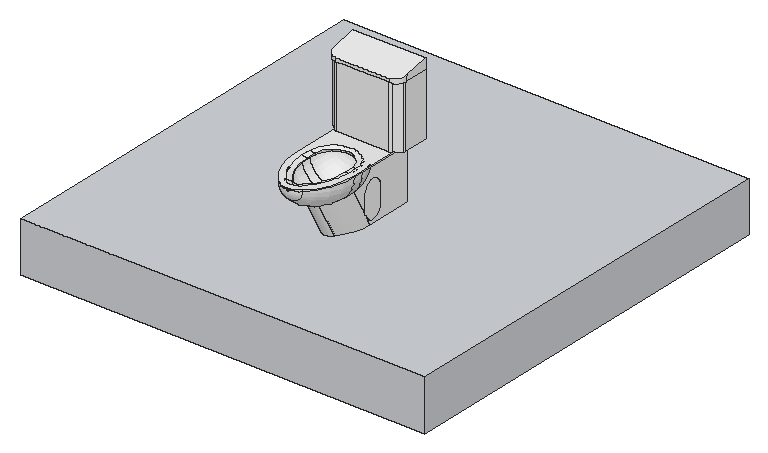
Revit family
Parameters (values of type "WH2145_10")
  Waste Connection = yes
  WH2145_10 - Cistern Tank Toilet (Floor waste is 10” from wall to the center of waste outlet) = yes
  WFU = 10
  Vent Connection = no
  URL = "http://www.whitehallmfg.com"
  Type Comments = ""
  Phone# = "626-336-4561"
  Model = "WH2145_10"
  Material = Stainless Steel-Whitehall-16 Gage-Powder Coated White
  Manufacturer = "Whitehall Mfg"
  HWFU = 0
  HW Connection = no
  Designed By = "Allied Technical Services"  # constant formula
  Description = "Whitehall Ligature Resistant Cistern Tank Toilet"
  Default Elevation = 0"
  Creation Date = "07/16/2015"  # constant formula
  CWFU = 10
  CW Connection = yes
  Assembly Code = "D2010110"
  ATS URL = "http://www.atsspec.net"
Reference planes (in)
  plane 1 "Center (Front/Back)": y = 1.5
  plane 2: z = 0
  plane 3 "Center (Left/Right)": x = 0
  plane 4: x = -7
  plane 5: x = 7
  plane 6: z = 15
  plane 7: y = -29
  plane 8: y = -6.375
  plane 9: z = 32.25
  plane 10: z = 29.75
  plane 11: x = -8.5625
  plane 12: x = 8.5625
  plane 13: x = 4.0625
  plane 14: x = -4.0625
  plane 15: x = -4.0625
  plane 16: x = 4.0625
  plane 17: x = -4.0625
  plane 18: x = 4.0625
  plane 19: y = -8.5
  plane 20: y = -17.625
  plane 21: y = -22.625
  plane 22: x = -5.5
  plane 23: y = -1.39645
  plane 24: y = -8.5
Forms (in)
  Extrusion 1, solid
    sketch origin (0, 0, 0) x (1, 0, 0) y (0, 1, 0)
      loop
        line (-48, 48) -> (-48, -48) -> (48, -48) -> (48, 48) -> (-48, 48)
    from 0 to -12
  Blend 2, solid, material "Stainless Steel-Whitehall-16 Gage-Powder Coated White" <- "Material"
    base sketch origin (0, -1.72011, 0) x (1, 0, 0) y (0, 1, 0)
      loop
        line (4.0625, 3.22011) -> (-4.0625, 3.22011) -> (-4.0625, -7.55903)
        arc (-4.0625, -7.55903) -> (-3.43599, -11.51354) -> (-1.61783, -15.08074) r 12.79364
        arc (-1.61783, -15.08074) -> (0, -15.90489) -> (1.61783, -15.08074) r 2
        arc (1.61783, -15.08074) -> (3.43599, -11.51354) -> (4.0625, -7.55903) r 12.79364
        line (4.0625, -7.55903) -> (4.0625, 3.22011)
    top sketch origin (0, -1.72011, 0) x (1, 0, 0) y (0, 1, 0)
      loop
        line (-4.0625, 3.22011) -> (-4.0625, -12.55903)
        arc (-4.0625, -12.55903) -> (-3.43599, -16.51354) -> (-1.61783, -20.08074) r 12.79364
        arc (-1.61783, -20.08074) -> (0, -20.90489) -> (1.61783, -20.08074) r 2
        arc (1.61783, -20.08074) -> (3.43599, -16.51354) -> (4.0625, -12.55903) r 12.79364
        line (4.0625, -12.55903) -> (4.0625, 3.22011) -> (-4.0625, 3.22011)
    from 0 to 9.35933
  Revolve 3, solid, material "Stainless Steel-Whitehall-16 Gage-Powder Coated White" <- "Material"
    sketch origin (0, 0, 14.75) x (1, 0, 0) y (0, 1, 0)
      loop
        arc (-2.88823, -27.76733) -> (-1.57014, -28.67895) -> (0, -29) r 4
        line (0, -29) -> (0, -27.75)
        arc (0, -27.75) -> (-1.07947, -27.52928) -> (-1.98566, -26.90254) r 2.75
        arc (-1.98566, -26.90254) -> (-4.77373, -22.58152) -> (-5.75, -17.53261) r 13.54364
        line (-5.75, -17.53261) -> (-5.75, -15.28261)
        arc (-5.75, -15.28261) -> (-4.06586, -11.21675) -> (0, -9.53261) r 5.75
        line (0, -9.53261) -> (0, -8.28261)
        arc (0, -8.28261) -> (-4.94975, -10.33287) -> (-7, -15.28261) r 7
        line (-7, -15.28261) -> (-7, -17.53261)
        arc (-7, -17.53261) -> (-5.93362, -23.0475) -> (-2.88823, -27.76733) r 14.79364
      axis (0, -8.28261) -> (0, -29)
    angle from 0 to 180
  Blend 4, solid, material "Stainless Steel-Whitehall-16 Gage-Powder Coated White" <- "Material"
    base sketch origin (0, -2.10102, 0) x (1, 0, 0) y (0, 1, 0)
      loop
        line (-4.0625, 3.60102) -> (-4.0625, -11.43316)
        arc (-4.0625, -11.43316) -> (0, -8.43159) -> (4.0625, -11.43316) r 4.25
        line (4.0625, -11.43316) -> (4.0625, 3.60102) -> (-4.0625, 3.60102)
    top sketch origin (0, -2.10102, 0) x (1, 0, 0) y (0, 1, 0)
      loop
        line (-4.0625, 3.60102) -> (-4.0625, -7.83302)
        arc (-4.0625, -7.83302) -> (0, -5.23884) -> (4.0625, -7.83302) r 4.47804
        line (4.0625, -7.83302) -> (4.0625, 3.60102) -> (-4.0625, 3.60102)
    from 9.35933 to 14.75
  Extrusion 5, solid, material "Stainless Steel-Whitehall-16 Gage-Powder Coated White"
    sketch origin (0, 0, 0) x (1, 0, 0) y (0, 1, 0)
      loop
        arc (-7, -17.53261) -> (-5.93362, -23.0475) -> (-2.88823, -27.76733) r 14.79364
        arc (-2.88823, -27.76733) -> (0, -29) -> (2.88823, -27.76733) r 4
        arc (2.88823, -27.76733) -> (5.93362, -23.0475) -> (7, -17.53261) r 14.79364
        line (7, -17.53261) -> (7, 1.5) -> (-7, 1.5) -> (-7, -17.53261)
      loop
        line (-5.75, -15.28261) -> (-5.75, -17.53261)
        arc (-5.75, -17.53261) -> (-4.77373, -22.58152) -> (-1.98566, -26.90254) r 13.54364
        arc (-1.98566, -26.90254) -> (0, -27.75) -> (1.98566, -26.90254) r 2.75
        arc (1.98566, -26.90254) -> (4.77373, -22.58152) -> (5.75, -17.53261) r 13.54364
        line (5.75, -17.53261) -> (5.75, -15.28261)
        arc (5.75, -15.28261) -> (0, -9.53261) -> (-5.75, -15.28261) r 5.75
      loop
        circle (0, -2.75) r 0.75
    from 14.75 to 15
  Sweep 6, solid, material "Stainless Steel-Whitehall-16 Gage-Powder Coated White"
    path origin (0, 0, 0) x (1, 0, 0) y (0, 1, 0)
      loop
        arc (-5.75, -17.53261) -> (-4.77373, -22.58152) -> (-1.98566, -26.90254) r 13.54364
        arc (-1.98566, -26.90254) -> (0, -27.75) -> (1.98566, -26.90254) r 2.75
        arc (1.98566, -26.90254) -> (4.77373, -22.58152) -> (5.75, -17.53261) r 13.54364
        line (5.75, -17.53261) -> (5.75, -15.28261)
        arc (5.75, -15.28261) -> (0, -9.53261) -> (-5.75, -15.28261) r 5.75
        line (-5.75, -15.28261) -> (-5.75, -17.53261)
    profile origin (-5.75, -16.40761, 0) x (-1, 0, 0) y (0, 0, 1)
      loop
        line (0, 15) -> (-0.25, 15)
        arc (-0.25, 15) -> (-0.82681, 14.90577) -> (-1.34365, 14.63287) r 1.8125
        arc (-1.34365, 14.63287) -> (-1.36912, 14.5504) -> (-1.29904, 14.5) r 0.07392
        line (-1.29904, 14.5) -> (0, 14.5) -> (0, 15)
  Extrusion 7, void
    sketch origin (0, -2.2969, 0) x (1, 0, 0) y (0, 1, 0)
      loop
        circle (0, -6.2031) r 1.0625
    from 0 to 0.25
  Extrusion 8, solid, material "Stainless Steel-Whitehall-16 Gage-Powder Coated White"
    sketch origin (0, 0, 0) x (1, 0, 0) y (0, 1, 0)
      loop
        line (-8.5625, 1.5) -> (-8.5625, -4.29289)
        arc (-8.5625, -4.29289) -> (-8.52444, -4.48423) -> (-8.41605, -4.64645) r 0.5
        line (-8.41605, -4.64645) -> (-6.98039, -6.08211)
        arc (-6.98039, -6.08211) -> (-6.65597, -6.29888) -> (-6.27329, -6.375) r 1
        line (-6.27329, -6.375) -> (6.27329, -6.375)
        arc (6.27329, -6.375) -> (6.65597, -6.29888) -> (6.98039, -6.08211) r 1
        line (6.98039, -6.08211) -> (8.41605, -4.64645)
        arc (8.41605, -4.64645) -> (8.52444, -4.48423) -> (8.5625, -4.29289) r 0.5
        line (8.5625, -4.29289) -> (8.5625, 1.5) -> (-8.5625, 1.5)
    from 15 to 29.75
  Extrusion 9, void
    sketch origin (0, 3.375, 0) x (0, 1, 0) y (0, 0, 1)
      loop
        line (-9.75, 30.57612) -> (-1.875, 32.25) -> (-9.75, 32.25) -> (-9.75, 30.57612)
    from -8.5625 to 8.5625
  Blend 10, solid, material "Stainless Steel-Whitehall-16 Gage-Powder Coated White" <- "Material"
    base sketch origin (0, 0, 0) x (1, 0, 0) y (0, 1, 0)
      loop
        line (-8.5625, 1.5) -> (-8.5625, -4.125)
        arc (-8.5625, -4.125) -> (-7.90349, -5.71599) -> (-6.3125, -6.375) r 2.25
        line (-6.3125, -6.375) -> (6.3125, -6.375)
        arc (6.3125, -6.375) -> (7.90349, -5.71599) -> (8.5625, -4.125) r 2.25
        line (8.5625, -4.125) -> (8.5625, 1.5) -> (-8.5625, 1.5)
    top sketch origin (0, 0, 0) x (1, 0, 0) y (0, 1, 0)
      loop
        line (-8.5625, 1.5) -> (-8.5625, -4.125)
        arc (-8.5625, -4.125) -> (-7.90349, -5.71599) -> (-6.3125, -6.375) r 2.25
        line (-6.3125, -6.375) -> (6.3125, -6.375)
        arc (6.3125, -6.375) -> (7.90349, -5.71599) -> (8.5625, -4.125) r 2.25
        line (8.5625, -4.125) -> (8.5625, 1.5) -> (-8.5625, 1.5)
    from 29.75 to 32.25
  Extrusion 11, solid, material "Stainless Steel-Whitehall-16 Gage-Powder Coated White"
    sketch origin (0, 0.375, 0) x (0, 1, 0) y (0, 0, 1)
      loop
        arc (-3.375, 29.5) -> (-3.46339, 29.46339) -> (-3.5, 29.375) r 0.125
        line (-3.5, 29.375) -> (-3.5, 28.125)
        arc (-3.5, 28.125) -> (-3.46339, 28.03661) -> (-3.375, 28) r 0.125
        line (-3.375, 28) -> (-2.125, 28)
        arc (-2.125, 28) -> (-2.03661, 28.03661) -> (-2, 28.125) r 0.125
        line (-2, 28.125) -> (-2, 29.375)
        arc (-2, 29.375) -> (-2.03661, 29.46339) -> (-2.125, 29.5) r 0.125
        line (-2.125, 29.5) -> (-3.375, 29.5)
    from -9.0625 to -8.5625
  Extrusion 12, solid, material "Stainless Steel-Whitehall-16 Gage-Powder Coated White"
    sketch origin (0, 0.375, 0) x (0, 1, 0) y (0, 0, 1)
      loop
        line (-2.125, 28.25) -> (-2.125, 29.25)
        arc (-2.125, 29.25) -> (-2.16161, 29.33839) -> (-2.25, 29.375) r 0.125
        line (-2.25, 29.375) -> (-3.25, 29.375)
        arc (-3.25, 29.375) -> (-3.33839, 29.33839) -> (-3.375, 29.25) r 0.125
        line (-3.375, 29.25) -> (-3.375, 28.25)
        arc (-3.375, 28.25) -> (-3.33839, 28.16161) -> (-3.25, 28.125) r 0.125
        line (-3.25, 28.125) -> (-2.25, 28.125)
        arc (-2.25, 28.125) -> (-2.16161, 28.16161) -> (-2.125, 28.25) r 0.125
    from -9.3125 to -8.5625
  Revolve 13, void
    sketch origin (0, 0, 14.75) x (1, 0, 0) y (0, 1, 0)
      loop
        arc (0, -9.53261) -> (-4.06586, -11.21675) -> (-5.75, -15.28261) r 5.75
        line (-5.75, -15.28261) -> (-5.75, -17.53261)
        arc (-5.75, -17.53261) -> (-4.77373, -22.58152) -> (-1.98566, -26.90254) r 13.54364
        arc (-1.98566, -26.90254) -> (-1.07947, -27.52928) -> (0, -27.75) r 2.75
        line (0, -27.75) -> (0, -9.53261)
      axis (0, -9.53261) -> (0, -27.75)
    angle from 0 to 180
  Extrusion 14, solid, material "Stainless Steel-Whitehall-16 Gage-Powder Coated White" <- "Material"
    sketch origin (2.9375, 0, 0.22882) x (1, 0, 0) y (0, 1, 0)
      loop
        line (-9.9375, 1.5) -> (-9.9375, -3.5) -> (-7.03125, -3.5) -> (-7.03125, -4) -> (-7, -4) -> (-7, 1.5) -> (-9.9375, 1.5)
    from 2.77118 to 14.52118
  Extrusion 15, void
    sketch origin (0, 0, 0) x (0, 1, 0) y (0, 0, -1)
      loop
        line (1.5, -3) -> (-4, -3) -> (-4, -5) -> (-3.5, -5) -> (1.5, -3)
    from 4.0625 to 7
  Extrusion 16, void
    sketch origin (0, 2, 0) x (0, 1, 0) y (0, 0, 1)
      loop
        circle (-10.56606, 9.16665) r 0.125
      loop
        circle (-12.59218, 7.18292) r 0.125
      loop
        circle (-12.58495, 3.13641) r 0.125
      loop
        circle (-10.56606, 1.14002) r 0.125
      loop
        circle (-8.53994, 7.18292) r 0.125
      loop
        circle (-8.54717, 3.13641) r 0.125
      loop
        line (-12.81285, 7.14454) -> (-12.81285, 3.09537)
        arc (-12.81285, 3.09537) -> (-10.56285, 0.84537) -> (-8.31285, 3.09537) r 2.25
        line (-8.31285, 3.09537) -> (-8.31285, 7.14454)
        arc (-8.31285, 7.14454) -> (-10.56285, 9.39454) -> (-12.81285, 7.14454) r 2.25
      loop
        arc (-8.3441, 7.14454) -> (-10.56285, 9.36329) -> (-12.7816, 7.14454) r 2.21875
        line (-12.7816, 7.14454) -> (-12.7816, 3.09537)
        arc (-12.7816, 3.09537) -> (-10.56285, 0.87662) -> (-8.3441, 3.09537) r 2.21875
        line (-8.3441, 3.09537) -> (-8.3441, 7.14454)
    from 3.72076 to 4.34109
  Extrusion 17, void
    sketch origin (0, 2, 0) x (0, 1, 0) y (0, 0, -1)
      loop
        circle (-10.56606, -9.16665) r 0.125
      loop
        circle (-12.59218, -7.18292) r 0.125
      loop
        circle (-12.58495, -3.13641) r 0.125
      loop
        circle (-10.56606, -1.14002) r 0.125
      loop
        circle (-8.53994, -7.18292) r 0.125
      loop
        circle (-8.54717, -3.13641) r 0.125
      loop
        arc (-12.81285, -7.14454) -> (-10.56285, -9.39454) -> (-8.31285, -7.14454) r 2.25
        line (-8.31285, -7.14454) -> (-8.31285, -3.09537)
        arc (-8.31285, -3.09537) -> (-10.56285, -0.84537) -> (-12.81285, -3.09537) r 2.25
        line (-12.81285, -3.09537) -> (-12.81285, -7.14454)
      loop
        line (-8.3441, -7.14454) -> (-8.3441, -3.09537)
        arc (-8.3441, -3.09537) -> (-10.56285, -0.87662) -> (-12.7816, -3.09537) r 2.21875
        line (-12.7816, -3.09537) -> (-12.7816, -7.14454)
        arc (-12.7816, -7.14454) -> (-10.56285, -9.36329) -> (-8.3441, -7.14454) r 2.21875
    from 3.72076 to 4.34109
  Extrusion 18, solid, material "Stainless Steel-Whitehall-16 Gage-Powder Coated White"
    sketch origin (0, 0, 0.48981) x (1, 0, 0) y (0, 1, 0)
      loop
        circle (-5.5, -1.39645) r 0.5
    from 13.26019 to 14.26019
Cuts and joins
  Extrusion 7, Revolve 13, Extrusion 15, Extrusion 16, Extrusion 17 cuts Blend 2
  Extrusion 7, Extrusion 15, Extrusion 16, Extrusion 17 cuts Revolve 3
  Extrusion 7, Extrusion 15, Extrusion 16, Extrusion 17 cuts Blend 4
  Extrusion 15, Extrusion 16, Extrusion 17 cuts Extrusion 14
  joined: Blend 2, Revolve 3, Blend 4, Extrusion 14
  joined: Extrusion 5, Sweep 6, Extrusion 8, Extrusion 11, Extrusion 12, Extrusion 18
  Extrusion 9 cuts Blend 10
Lines and regions (in)
  Split face 1
    outline origin (7, -6.375, 30.57612) x (0, 0.978148, 0.207912) y (-1, 0, 0)
      loop
        circle (7.6628, 7) r 0.125
  Split face 2
    outline origin (7.0625, -6.375, 30.57612) x (0, 0.978148, 0.207912) y (-1, 0, 0)
      loop
        circle (7.6628, 14.8939) r 0.125
  Split face 3
    outline origin (8.5625, -6.375, 30.57612) x (0, 0.978148, 0.207912) y (-1, 0, 0)
      loop
        circle (7.6628, 0.75) r 0.125
  Split face 4
    outline origin (0, -6.375, 29.8756) x (1, 0, 0) y (0, 0, 1)
      loop
        circle (0, 0.24218) r 0.125
  Split face 5
    outline origin (0, -6.375, 29.8756) x (1, 0, 0) y (0, 0, 1)
      loop
        circle (-5.86086, 0.24218) r 0.125
  Split face 6
    outline origin (0, -6.375, 29.8756) x (1, 0, 0) y (0, 0, 1)
      loop
        circle (5.86086, 0.24218) r 0.125
  Split face 7
    outline origin (-8.5625, -1.3125, 30) x (0, -1, 0) y (0, 0, 1)
      loop
        circle (-1.2466, 0.24341) r 0.125
  Split face 8
    outline origin (8.5625, -1.3125, 30) x (0, 1, 0) y (0, 0, 1)
      loop
        circle (1.2466, 0.24341) r 0.125
  Split face 9
    outline origin (8.5625, -4.29289, 29.75) x (0, 0, -1) y (0, 1, 0)
      loop
        circle (0.50411, 5.29289) r 0.125
  Split face 10
    outline origin (8.5625, -4.29289, 29.75) x (0, 0, -1) y (0, 1, 0)
      loop
        circle (14.24589, 5.29289) r 0.125
  Split face 11
    outline origin (8.5625, -4.29289, 29.75) x (0, 0, -1) y (0, 1, 0)
      loop
        circle (7.375, 5.29289) r 0.125
  Split face 12
    outline origin (4.0625, -3.88957, 0) x (0, 1, 0) y (0, 0, 1)
      loop
        circle (4.72071, 7.12944) r 0.125
  Split face 13
    outline origin (4.0625, -3.88957, 0) x (0, 1, 0) y (0, 0, 1)
      loop
        circle (4.73437, 1.71138) r 0.125
  Split face 14
    outline origin (4.0625, -3.88957, 0) x (0, 1, 0) y (0, 0, 1)
      loop
        circle (4.71831, 12.56607) r 0.125
  Split face 15
    outline origin (-4.0625, -3.88957, 0) x (0, -1, 0) y (0, 0, 1)
      loop
        circle (-4.73437, 1.71138) r 0.125
  Split face 16
    outline origin (-4.09375, -3.5, 14.75) x (0, 0, -1) y (0, -1, 0)
      loop
        circle (9.14307, 0.23673) r 0.125
  Split face 17
    outline origin (-4.09375, -3.5, 14.75) x (0, 0, -1) y (0, -1, 0)
      loop
        circle (0.60693, 0.23673) r 0.125
  Split face 18
    outline origin (-4.09375, -3.5, 14.75) x (0, 0, -1) y (0, -1, 0)
      loop
        circle (4.875, 0.2544) r 0.125
Dimensions and locks (in)
  plane 4 to plane 5 = 14"
  plane 12 to plane 11 = 17 1/8"
  plane 9 to Extrusion 1 = 32 1/4"
  plane 6 to Extrusion 1 = 15"
  plane 1 "Center (Front/Back)" to plane 8 = 7 7/8"
  plane 7 to plane 1 "Center (Front/Back)" = 30 1/2"
  plane 18 to plane 17 = 8 1/8"
  plane 1 "Center (Front/Back)" to plane 24 = 10"
  aligned and locked: plane 2 to Extrusion 1
  aligned and locked: level to Extrusion 1
Connectors (in)
  piping at (-5.5, -1.39645, 13.75), driven by "CWFU"
    settings: on Extrusion 18, index 6
  piping at (0, -8.5, 0), driven by "WFU"
    settings: on cut or joined group of Blend 2, Revolve 3, Blend 4, Extrusion 7, Revolve 13, Extrusion 14, Extrusion 15, Extrusion 16, Extrusion 17, index 8
